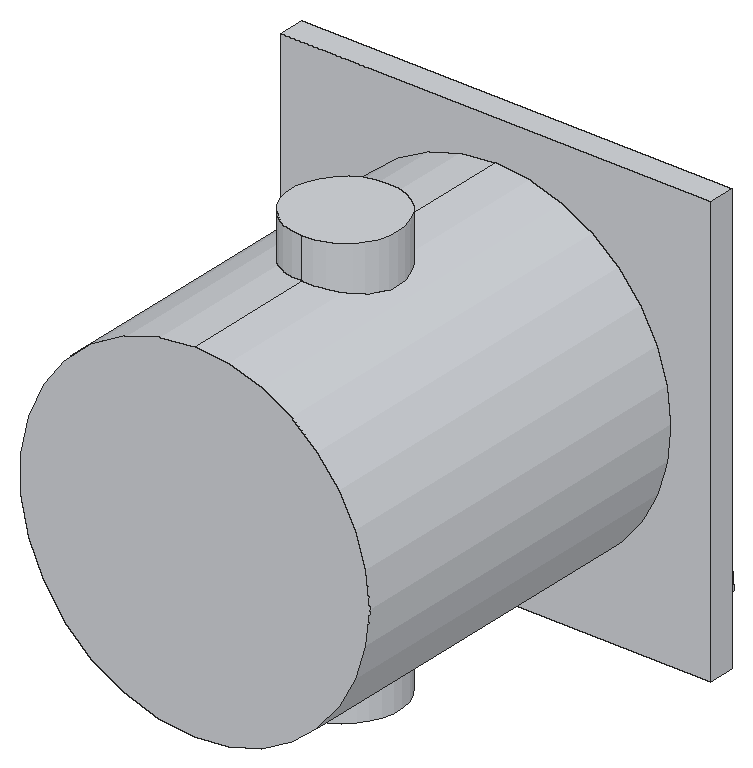
Revit family "LS_SerienschalterundAusschalter_V1700", category Lichtschalter, Revit 2017
Family settings
  Beschriftungsausrichtung beibehalten = Nein
  Bemaßung runder Anschluss = Durchmesser verwenden
  Teiletyp = Schalter
  OmniClass-Nummer = 23.80.00.00
  OmniClass-Titel = Electric Power and Lighting
  Arbeitsebenenbasiert = Nein
  Immer vertikal = Ja
  Beim Laden mit Abzugskörper schneiden = Nein
  Gemeinsam genutzt = Nein
  Raumberechnungspunkt = Nein
Parameters (values of type "Ausschalter")
  pbr_Material_KZ = ""
  pbr_Material = none
  pbr_E_Typ = ""
  pbr_E_KZ = ""
  pbr_DINBild = 0
  pbr_Bild = 0
  pbr_3Dx_Delta_Korrekturversatz [instance] = 0 mm
  pbr_3DX_Versatzfaktor [instance] = 0
  pbr_2DY_Versatzfaktor [instance] = 0
  pbr_2DX_Versatzfaktor [instance] = 0
  mit Leuchte = no
  lfd_STRK [instance] = 0
  cpiFitMatchKey [instance] = "E-LS-SCH-1"
  Zentrale [instance] = ""
  Wechselschalter = no
  Typ [instance] = ""
  Text3 [instance] = ""
  Text2 [instance] = ""
  Text1 [instance] = ""
  Serienschalter = no
  Schaltgruppe2 [instance] = 0
  Schaltgruppe1 [instance] = 0
  Planungsbüro Rohling = "www.pbr.de"
  Netzart = ""
  Menge(Dosenzahl) [instance] = 0
  Linie/Anschluss [instance] = ""
  Lastklassifizierung = none
  Kreuzschalter = no
  Installationsart [instance] = ""
  Info [instance] = ""
  IFC = ""
  Gewerk [instance] = "Schalt"
  Eckversatz [instance] = 0 mm
  YFrontversatz [instance] = if(pbr_2DY_Versatzfaktor = 300, 0 mm, pbr_2DY_Versatzfaktor * 300 mm)  # 0 mm
  XSeitenversatz [instance] = if(pbr_2DX_Versatzfaktor = 0, 3000 mm, 3000 mm + (pbr_2DX_Versatzfaktor * 300 mm)) + Eckversatz  # 3000 mm
  X3Dversatz [instance] = 2000 mm
  R_Leerrohranschluss = 10 mm
  Niveau [instance] = 1100 mm
  Dosentiefe = 70 mm  # constant formula
  Dosenradius = 65 mm / 2  # 32.5 mm
  D_Leerrohranschluss = 2 * R_Leerrohranschluss  # 20 mm
  Ausschalter = yes
  3Polig_darstellen = no
  3DX_Versatzkontrolle [instance] = if(pbr_3DX_Versatzfaktor = 0, (pbr_2DX_Versatzfaktor * -1), (((-1 * pbr_3DX_Versatzfaktor) + pbr_2DX_Versatzfaktor) * -1))  # 0
  3DX_Versatz [instance] = 0 mm
  2Polig_darstellen = no
  Platzierrahmen [instance] = no
  1 polig = no
Types (2, lengths in mm): name | Serienschalter | Ausschalter
  Serienschalter | yes | no
  Ausschalter | no | yes
Reference planes
  plane 1 "Mitte (Vorne/Hinten)": y = 0
  plane 2: z = 0
  plane 3 "Mitte (Links/Rechts)": x = 0
  plane 4: x = -125
  plane 5: x = 125
  plane 6: y = 300
  plane 7 "Schalterhinten": y = 0
  plane 8: x = -3000
  plane 9: x = 0
  plane 10: x = -40
  plane 11: x = 40
  plane 12: z = 1140
  plane 13: z = 1060
  plane 14 "SchalterVorne": y = 5
  plane 15 "3DSchalterMitte": x = 0
  plane 16: z = 1100
  plane 17: y = -70
  plane 18: y = -35
  plane 19: y = 0
  plane 20: x = 0
  plane 21: y = 0
  plane 22: x = 0
Forms (mm)
  Extrusion 1, solid
    sketch origin (0, 20, 0) x (0, 0, 1) y (-1, 0, 0)
      loop
        line (1060, 40) -> (1060, -40) -> (1140, -40) -> (1140, 40) -> (1060, 40)
    from 15 to 20
  Sweep 2, solid
    path origin (0, 0, 0) x (0, 0, 1) y (0, -1, 0)
      loop
        line (1100, 0) -> (1100, 70)
    profile origin (0, -35, 1100) x (0, 0, -1) y (1, 0, 0)
      loop
        circle (0, 0) r 32.5
  Sweep 3, solid
    path origin (0, 0, 0) x (1, 0, 0) y (0, 1, 0)
      loop
        line (-32.5, 0) -> (32.5, 0)
    profile origin (0, 0, 0) x (0, 1, 0) y (0, 0, 1)
      loop
        line (5, 1135) -> (5, 1066.102) -> (14.712, 1066.102) -> (7.47, 1135) -> (5, 1135)
  Sweep 4, solid
    path origin (0, 0, 0) x (0, 0, 1) y (0, -1, 0)
      loop
        line (1060, 35) -> (1140, 35)
    profile origin (0, -35, 1100) x (0, -1, 0) y (1, 0, 0)
      loop
        circle (0, 0) r 10
Cuts and joins
  joined: Sweep 2, Sweep 4
  joined: Extrusion 1, Sweep 3
Lines and regions (mm)
  model lines, visible <- "Platzierrahmen"
    curve 1: line (-125, 0, 0) -> (125, 0, 0)
    curve 2: line (-125, 300, 0) -> (-125, 0, 0)
    curve 3: line (125, 300, 0) -> (-125, 300, 0)
    curve 4: line (125, 0, 0) -> (125, 300, 0)
Dimensions and locks
  plane 4 to plane 5 = 250 mm
  plane 6 to plane 7 "Schalterhinten" = 300 mm
  equal spacing: plane 4, plane 9, plane 5, locked at 125 each
  "XSeitenversatz": plane 8 to plane 9
  plane 8 to plane 3 "Mitte (Links/Rechts)" = 3000 mm
  "YFrontversatz": plane 1 "Mitte (Vorne/Hinten)" to plane 7 "Schalterhinten"
  plane 11 to plane 10 = 80 mm
  plane 12 to plane 13 = 80 mm
  equal spacing: plane 11, plane 15 "3DSchalterMitte", plane 10
  equal spacing: plane 12, plane 16, plane 13
  "Niveau": plane 16 to level
  "Dosentiefe": plane 1 "Mitte (Vorne/Hinten)" to plane 17
  plane 14 "SchalterVorne" to plane 1 "Mitte (Vorne/Hinten)" = 5 mm
  equal spacing: plane 17, plane 18, plane 1 "Mitte (Vorne/Hinten)"
  Sweep 3 sketch curve to plane 12 = 5 mm
  plane 19 to plane 7 "Schalterhinten" = 0 mm
  plane 9 to plane 20 = 0 mm
  plane 21 to plane 7 "Schalterhinten" = 0 mm
  plane 9 to plane 22 = 0 mm
  "Dosenradius": radius of Sweep 2 sketch curve
  "R_Leerrohranschluss": radius of Sweep 4 sketch curve
  aligned and locked: level to plane 2
  aligned and locked: curve 1 to plane 7 "Schalterhinten"
  aligned and locked: curve 2 to plane 4
  aligned and locked: curve 3 to plane 6
  aligned and locked: plane 5 to curve 4
  aligned and locked: plane 13 to Extrusion 1 sketch curve
  aligned and locked: Extrusion 1 sketch curve to plane 10
  aligned and locked: Extrusion 1 sketch curve to plane 12
  aligned and locked: plane 11 to Extrusion 1 sketch curve
  aligned and locked: plane 1 "Mitte (Vorne/Hinten)" to Extrusion 1
  aligned and locked: Extrusion 1 to plane 14 "SchalterVorne"
  aligned and locked: plane 19 to nested 2
  aligned and locked: nested 2 to plane 20
  aligned and locked: plane 21 to nested 1
  aligned and locked: nested 1 to plane 22
Automatic sketch dimensions
  Sweep 4 sketch curve to plane 13 = 0 mm
  plane 12 to Sweep 4 sketch curve = 0 mm
  Sweep 4 sketch curve to plane 18 = 0 mm
  Sweep 4 sketch curve to plane 15 "3DSchalterMitte" = 0 mm
  Sweep 4 sketch curve to profile plane = 0 mm
  Sweep 2 sketch curve to plane 16 = 0 mm
  Sweep 2 sketch curve to plane 1 "Mitte (Vorne/Hinten)" = 0 mm
  Sweep 2 sketch curve to plane 17 = 0 mm
  Sweep 2 sketch curve to plane 15 "3DSchalterMitte" = 0 mm
  Sweep 2 sketch curve to profile plane = 0 mm
  plane 1 "Mitte (Vorne/Hinten)" to Sweep 3 sketch curve = 0 mm
  plane 10 to Sweep 3 sketch curve = 7.5 mm
  Sweep 3 sketch curve to plane 11 = 7.5 mm
  Sweep 3 sketch curve to profile plane = 5 mm
  Sweep 3 sketch curve to Sweep 3 sketch curve = 2.47 mm
  Sweep 3 sketch curve to Sweep 3 sketch curve = 9.712 mm
  Sweep 3 sketch curve to Sweep 3 sketch curve = 68.898 mm
Nested families
  nested 1: "Ausschalter" at (0, 0, 0), visible <- "Ausschalter", type "Ausschalter"
  nested 2: "Serienschalter" at (0, 0, 0), visible <- "Serienschalter", type "Serienschalter"
Connectors
  electrical at (0, -35, 1140)
    settings: on cut or joined group of Sweep 2, Sweep 4, index 3, voltage 230 V, apparent load 0 VA, apparent load phase1 0 VA, apparent load phase2 0 VA, apparent load phase3 0 VA, power factor 1, load classification "Standard", number of poles 1, system type 30, power factor state 1, is connector primary yes, connector utility no, sub classification motor no, connector description ""
  cabletrayconduit at (0, -35, 1140), diameter 20, driven by "D_Leerrohranschluss"
    settings: on cut or joined group of Sweep 2, Sweep 4, index 4, connector width 300 mm, connector height 300 mm, connector angle 0.00°, system type 32, placement type 0, profile type 0, connector reference index -1, is primary connector yes, connector utility param no, connector description ""
  cabletrayconduit at (0, -35, 1060), diameter 20, driven by "D_Leerrohranschluss"
    settings: on cut or joined group of Sweep 2, Sweep 4, index 5, connector width 300 mm, connector height 300 mm, connector angle 0.00°, system type 32, placement type 0, profile type 0, connector reference index -1, is primary connector no, connector utility param no, connector description ""
Definition of nested family "Ausschalter"
  Parameters (values of type "Ausschalter")
    1 polig = yes
  Reference planes
    plane 1 "Mitte (Vorne/Hinten)": y = 0
    plane 2: z = 0
    plane 3 "Mitte (Links/Rechts)": x = 0
    plane 4: y = 0
    plane 5: x = 0
  Lines and regions (mm)
    detail lines, in view "Referenzebene"
      curve 1: circle (0, 67, 0) r 67 normal (0, 0, 1)
    detail lines, in view "Referenzebene", visible <- "1 polig"
      curve 2: line (28.782, 127.503, 0) -> (134.873, 279.016, 0)
      curve 3: line (134.873, 279.016, 0) -> (182.064, 238.496, 0)
Definition of nested family "Serienschalter"
  Reference planes
    plane 1 "Mitte (Vorne/Hinten)": y = 0
    plane 2: z = 0
    plane 3 "Mitte (Links/Rechts)": x = 0
  Lines and regions (mm)
    detail lines, in view "Referenzebene"
      curve 1: circle (-2.109, 63.227, 0) r 66.5 normal (0, 0, 1)
      curve 2: line (29.04, 121.98, 0) -> (150.944, 263.954, 0)
      curve 3: line (150.944, 263.954, 0) -> (195.044, 219.456, 0)
      curve 4: line (-33.258, 121.98, 0) -> (-155.161, 263.954, 0)
      curve 5: line (-155.161, 263.954, 0) -> (-199.262, 219.456, 0)
